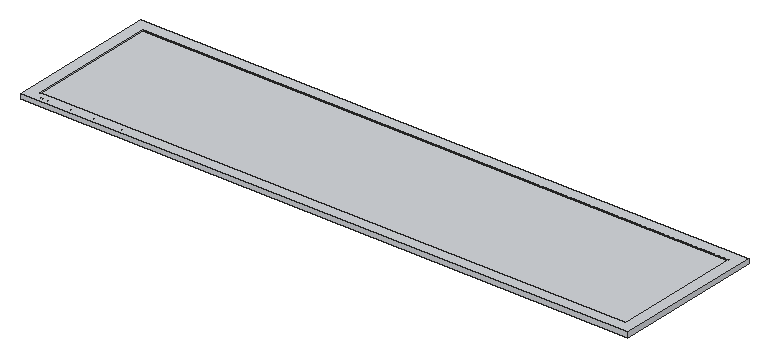
Revit family "0042226", category Lighting Fixtures, host Face, Revit 2017
Family settings
  Host = Face
  Round Connector Dimension = Use Diameter
  Part Type = Normal
  OmniClass Number = 23.80.70.00
  OmniClass Title = Lighting
  Cut with Voids When Loaded = No
  Light Source = Yes
  Shared = No
  Room Calculation Point = No
Parameters (values of type "0042226 ST PANEL UGR19 1200X300 DALI 3800LM 840")
  Weight = "kg"
  Wattage Comments = ""
  Wattage = 36 W
  WarrantyStartDate [instance] = "n/a"
  WarrantyGuarantorParts = "n/a"
  WarrantyDurationUnit = "n/a"
  WarrantyDurationParts = "n/a"
  WarrantyDescription = "n/a"
  WIDTH_SYL = 147.5 mm
  built-in parameter 1150110 = 1 (stored number, unit not read)
  Voltage = 0 V
  URL = "http://www.sylvania-lighting.com"
  TypeName = "START Panel UGR19 1200x300 DALI 3800Lm 840"
  Type Image = <None>
  Type Comments = "n/a"
  built-in parameter 1114217 = 1 (stored number, unit not read)
  Tilt Angle = -90.00°
  built-in parameter 1150109 = 1 (stored number, unit not read)
  built-in parameter 1150134 = 12
  TOP__WIDTH_SYL = 545 mm
  TOP_WIDTH_SYL = 265 mm
  TOP_DEPTH_SYL = 95 mm
  built-in parameter 1150113 = 1 (stored number, unit not read)
  SerialNumber [instance] = "n/a"
  Photometric Web File = "0042226.ies"
  Material_3_SYL = none
  PowerFactor = 0.9
  PowerConsumption = "36 W"
  NominalLength = 1195 mm
  NominalHeight = 35 mm
  NominalDepth = 295 mm
  Name = "START Panel UGR19 1200x300 DALI 3800Lm 840"
  ModelReference = Name  # "START Panel UGR19 1200x300 DALI 3800Lm 840"
  ModelNumber = "0042226"
  Model = Name  # "START Panel UGR19 1200x300 DALI 3800Lm 840"
  Material = "aluminium,steel housing, other diffuser"
  ManufacturerName = "Feilo Sylvania"
  Manufacturer = "Feilo Sylvania"
  MAINHEIGHT_SYL = 63 mm
  LuminousEfficacy = "106 lm/W"
  built-in parameter 1150105 = 303.67 (stored number, unit not read)
  Lumens = 3816 lm
  LuminaireType = ""
  built-in parameter 1150115 = 1 (stored number, unit not read)
  LightOutputRatio = "n/a"
  built-in parameter 1150137 = (empty or 0)
  built-in parameter 1150139 = (empty or 0)
  LampsType = Lamp  # "LED"
  LampNominalLuminous = "3800 lm"
  LampMacAdamStep = "3"
  LampColourTemperature = "4000 K"
  LampColourRenderingIndex = "80"
  built-in parameter 1150112 = 1 (stored number, unit not read)
  built-in parameter 1150114 = 1 (stored number, unit not read)
  Lamp = "LED"
  LUMWIDTH_SYL = 576.5 mm
  LUMDEPTH_SYL = 126.5 mm
  Keynote = "16500"
  InstallationDate [instance] = "n/a"
  InputVoltage = "n/a"
  InputNominalFrequency = "n/a"
  built-in parameter 1150132 = (empty or 0)
  built-in parameter 1150102 = (empty or 0)
  built-in parameter 1150107 = 4000 (stored number, unit not read)
  built-in parameter 1150138 = (empty or 0)
  IngressProtection = "IP40/20"
  ImpactProtectionIndex = "IK03"
  built-in parameter 1150106 = 3.0367 (stored number, unit not read)
  IfcExportType = "IfcLightFixtureType"
  IfcExportAs = "IfcLightFixtureType"
  HEIGHT_SYL = 33 mm
  HEIGHTBOTT_SYL = 7 mm
  Emit from Circle Diameter = 609.6 mm
  Emit Shape Visible in Rendering = no
  ElectricShockClassification = "Class II"
  built-in parameter 1150104 = 9.8477 (stored number, unit not read)
  DocumentationLiterature = "http://www.sylvania-lighting.com/product/en-int/products/0042226"
  DimmingControlOptions = "n/a"
  Material_2_SYL = none
  Dimming Lamp Color Temperature Shift = <None>
  Description = ""
  Default Elevation = 1219.2 mm
  DEPTH_SYL = 597.5 mm
  CreatedOn = "9/8/2020"
  CreatedBy = "@sylvania-lighting.com"
  Cost = 0
  Color Filter = 16777215
  built-in parameter 1114216 [instance] = (empty or 0)
  ClassificationValue = "EF_70_80"
  ClassificationName = "Uniclass2015"
  Material_1_SYL = none
  BarCode [instance] = "n/a"
  built-in parameter 1114218 = 1 (stored number, unit not read)
  BOX_WIDTH_SYL = 40 mm
  built-in parameter 1150133 = 10 (stored number, unit not read)
  AssetType = "Fixed"
  AssetIdentifier [instance] = "n/a"
  Assembly Code = "D5020200"
  Apparent Load = 36 VA
  Material_4_SYL = none
  -LUMDEPTH_SYL = LUMDEPTH_SYL * (-1)  # -126.5 mm
  -BOX_WIDTH_SYL = BOX_WIDTH_SYL * (-1)  # -40 mm
Types (9, lengths in mm): name | Wattage | TypeName | built-in parameter 1150134 | Photometric Web File | PowerConsumption | NominalHeight | Name | ModelReference | ModelNumber | Model | LuminousEfficacy | built-in parameter 1150105 | Lumens | LampNominalLuminous | LampMacAdamStep | LampColourTemperature | built-in parameter 1150107 | built-in parameter 1150106 | built-in parameter 1150104 | DocumentationLiterature | Apparent Load
  0042254 ST PANEL 1200X300HE DALI 4100LM 865 | 34 W | "START Panel 1200x300HE DALI 4100Lm 865" | 1 | "0042254.ies" | "34 W" | 34 | "START Panel 1200x300HE DALI 4100Lm 865" | "START Panel 1200x300HE DALI 4100Lm 865" | "0042254" | "START Panel 1200x300HE DALI 4100Lm 865" | "121 lm/W" | 327.38 (stored number, unit not read) | 4114 lm | "4100 lm" | "6" | "6500 K" | 6500 (stored number, unit not read) | 3.2738 (stored number, unit not read) | 11.241 (stored number, unit not read) | "http://www.sylvania-lighting.com/product/en-int/products/0042254" | 34 VA
  0042253 ST PANEL 1200X300HE DALI 4100LM 840 | 34 W | "START Panel 1200x300HE DALI 4100Lm 840" | 12 | "0042253.ies" | "34 W" | 34 | "START Panel 1200x300HE DALI 4100Lm 840" | "START Panel 1200x300HE DALI 4100Lm 840" | "0042253" | "START Panel 1200x300HE DALI 4100Lm 840" | "121 lm/W" | 327.38 (stored number, unit not read) | 4114 lm | "4100 lm" | "3" | "4000 K" | 4000 (stored number, unit not read) | 3.2738 (stored number, unit not read) | 11.241 (stored number, unit not read) | "http://www.sylvania-lighting.com/product/en-int/products/0042253" | 34 VA
  0042252 ST PANEL 1200X300HE DALI 3900LM 830 | 34 W | "START Panel 1200x300HE DALI 3900Lm 830" | (empty or 0) | "0042252.ies" | "34 W" | 34 | "START Panel 1200x300HE DALI 3900Lm 830" | "START Panel 1200x300HE DALI 3900Lm 830" | "0042252" | "START Panel 1200x300HE DALI 3900Lm 830" | "115 lm/W" | 311.15 (stored number, unit not read) | 3910 lm | "3900 lm" | "3" | "3000 K" | 3000 (stored number, unit not read) | 3.1115 (stored number, unit not read) | 10.684 (stored number, unit not read) | "http://www.sylvania-lighting.com/product/en-int/products/0042252" | 34 VA
  0042227 ST PANEL UGR19 1200X300 DALI 3800LM 865 | 36 W | "START Panel UGR19 1200x300 DALI 3800Lm 865" | 1 | "0042227.ies" | "36 W" | 35 | "START Panel UGR19 1200x300 DALI 3800Lm 865" | "START Panel UGR19 1200x300 DALI 3800Lm 865" | "0042227" | "START Panel UGR19 1200x300 DALI 3800Lm 865" | "106 lm/W" | 303.67 (stored number, unit not read) | 3816 lm | "3800 lm" | "6" | "6500 K" | 6500 (stored number, unit not read) | 3.0367 (stored number, unit not read) | 9.8477 (stored number, unit not read) | "http://www.sylvania-lighting.com/product/en-int/products/0042227" | 36 VA
  0042226 ST PANEL UGR19 1200X300 DALI 3800LM 840 | 36 W | "START Panel UGR19 1200x300 DALI 3800Lm 840" | 12 | "0042226.ies" | "36 W" | 35 | "START Panel UGR19 1200x300 DALI 3800Lm 840" | "START Panel UGR19 1200x300 DALI 3800Lm 840" | "0042226" | "START Panel UGR19 1200x300 DALI 3800Lm 840" | "106 lm/W" | 303.67 (stored number, unit not read) | 3816 lm | "3800 lm" | "3" | "4000 K" | 4000 (stored number, unit not read) | 3.0367 (stored number, unit not read) | 9.8477 (stored number, unit not read) | "http://www.sylvania-lighting.com/product/en-int/products/0042226" | 36 VA
  0042225 ST PANEL UGR19 1200X300 DALI 3600LM 830 | 36 W | "START Panel UGR19 1200x300 DALI 3600Lm 830" | (empty or 0) | "0042225.ies" | "36 W" | 35 | "START Panel UGR19 1200x300 DALI 3600Lm 830" | "START Panel UGR19 1200x300 DALI 3600Lm 830" | "0042225" | "START Panel UGR19 1200x300 DALI 3600Lm 830" | "100 lm/W" | 286.48 (stored number, unit not read) | 3600 lm | "3600 lm" | "3" | "3000 K" | 3000 (stored number, unit not read) | 2.8648 (stored number, unit not read) | 9.2903 (stored number, unit not read) | "http://www.sylvania-lighting.com/product/en-int/products/0042225" | 36 VA
  0042224 ST PANEL UGR19 1200X300 DALI 3400LM 865 | 36 W | "START Panel UGR19 1200x300 DALI 3400Lm 865" | 1 | "0042224.ies" | "36 W" | 35 | "START Panel UGR19 1200x300 DALI 3400Lm 865" | "START Panel UGR19 1200x300 DALI 3400Lm 865" | "0042224" | "START Panel UGR19 1200x300 DALI 3400Lm 865" | "94 lm/W" | 269.29 (stored number, unit not read) | 3384 lm | "3400 lm" | "6" | "6500 K" | 6500 (stored number, unit not read) | 2.6929 (stored number, unit not read) | 8.7329 (stored number, unit not read) | "http://www.sylvania-lighting.com/product/en-int/products/0042224" | 36 VA
  0042223 ST PANEL UGR19 1200X300 DALI 3400LM 840 | 36 W | "START Panel UGR19 1200x300 DALI 3400Lm 840" | 12 | "0042223.ies" | "36 W" | 35 | "START Panel UGR19 1200x300 DALI 3400Lm 840" | "START Panel UGR19 1200x300 DALI 3400Lm 840" | "0042223" | "START Panel UGR19 1200x300 DALI 3400Lm 840" | "94 lm/W" | 269.29 (stored number, unit not read) | 3384 lm | "3400 lm" | "3" | "4000 K" | 4000 (stored number, unit not read) | 2.6929 (stored number, unit not read) | 8.7329 (stored number, unit not read) | "http://www.sylvania-lighting.com/product/en-int/products/0042223" | 36 VA
  0042222 ST PANEL UGR19 1200X300 DALI 3200LM 830 | 36 W | "START Panel UGR19 1200x300 DALI 3200Lm 830" | (empty or 0) | "0042222.ies" | "36 W" | 35 | "START Panel UGR19 1200x300 DALI 3200Lm 830" | "START Panel UGR19 1200x300 DALI 3200Lm 830" | "0042222" | "START Panel UGR19 1200x300 DALI 3200Lm 830" | "89 lm/W" | 254.97 (stored number, unit not read) | 3204 lm | "3200 lm" | "3" | "3000 K" | 3000 (stored number, unit not read) | 2.5497 (stored number, unit not read) | 8.2684 (stored number, unit not read) | "http://www.sylvania-lighting.com/product/en-int/products/0042222" | 36 VA
Reference planes
  plane 1 "Center (Front/Back)": y = 0
  plane 2: z = 0
  plane 3 "Center (Left/Right)": x = 0
  plane 4: z = -33
  plane 5: z = -7
  plane 6: z = -63
  plane 7: x = 597.5
  plane 8: x = -597.5
  plane 9: y = 147.5
  plane 10: y = -147.5
  plane 11: x = 576.5
  plane 12: x = -576.5
  plane 13: y = -126.5
  plane 14: y = 126.5
  plane 15: y = -265
  plane 16: y = 265
  plane 17: x = -40
  plane 18: x = 40
  plane 19: x = 0
  plane 20: x = -545
  plane 21: x = 545
  plane 22: y = -95
  plane 23: y = 95
Forms (mm)
  Extrusion 1, solid
    sketch origin (0, 0, 0) x (1, 0, 0) y (0, 1, 0)
      loop
        line (-597.5, 147.5) -> (-597.5, -147.5) -> (597.5, -147.5) -> (597.5, 147.5) -> (-597.5, 147.5)
    from -7 to 2
  Extrusion 2, void
    sketch origin (0, 0, 0) x (1, 0, 0) y (0, 1, 0)
      loop
        line (-576.5, 126.5) -> (-576.5, -126.5) -> (576.5, -126.5) -> (576.5, 126.5) -> (-576.5, 126.5)
    from 0 to 2
  Extrusion 3, solid
    sketch origin (0, 0, 0) x (1, 0, 0) y (0, 0, 1)
      loop
        line (-40, -33) -> (-40, -63) -> (40, -63) -> (40, -33) -> (-40, -33)
    from -40 <- "-BOX_WIDTH_SYL" to 40 <- "BOX_WIDTH_SYL"
  Extrusion 4, solid
    sketch origin (0, 0, 0) x (1, 0, 0) y (0, 0, 1)
      loop
        line (-576.5, -7) -> (-545, -33) -> (545, -33) -> (576.5, -7) -> (-576.5, -7)
    from -126.5 <- "-LUMDEPTH_SYL" to 126.5 <- "LUMDEPTH_SYL"
  Extrusion 5, void
    sketch origin (319, 1524, 1219.2) x (0, 1, 0) y (0, 0, 1)
      loop
        line (-1397.5, -1226.2) -> (-1429, -1252.2) -> (-1397.5, -1252.2) -> (-1397.5, -1226.2)
      loop
        line (-1650.5, -1226.2) -> (-1650.5, -1252.2) -> (-1619, -1252.2) -> (-1650.5, -1226.2)
    from -1000 to 1000
Cuts and joins
  Extrusion 2 cuts Extrusion 1
  Extrusion 5 cuts Extrusion 4
  joined: Extrusion 1, Extrusion 3, Extrusion 4
Dimensions and locks
  "HEIGHT_SYL": host face to plane 4
  "HEIGHTBOTT_SYL": host face to plane 5
  "MAINHEIGHT_SYL": host face to plane 6
  "DEPTH_SYL": plane 8 to plane 3 "Center (Left/Right)" to plane 7
  "WIDTH_SYL": plane 10 to plane 1 "Center (Front/Back)" to plane 9
  "LUMWIDTH_SYL": plane 12 to plane 3 "Center (Left/Right)" to plane 11
  "LUMDEPTH_SYL": plane 13 to plane 1 "Center (Front/Back)" to plane 14
  "TOP_WIDTH_SYL": plane 16 to imposter light to plane 15
  "BOX_WIDTH_SYL": plane 17 to imposter light to plane 18
  "TOP__WIDTH_SYL": plane 20 to imposter light to plane 21
  "TOP_DEPTH_SYL": plane 23 to imposter light to plane 22
  aligned and locked: plane 2 to host face
  aligned and locked: level to host face
  aligned and locked: Extrusion 1 sketch curve to plane 9
  aligned and locked: plane 8 to Extrusion 1 sketch curve
  aligned and locked: Extrusion 1 sketch curve to plane 10
  aligned and locked: Extrusion 1 sketch curve to plane 7
  aligned and locked: plane 14 to Extrusion 2 sketch curve
  aligned and locked: plane 12 to Extrusion 2 sketch curve
  aligned and locked: Extrusion 2 sketch curve to plane 13
  aligned and locked: Extrusion 2 sketch curve to plane 11
  aligned and locked: plane 4 to Extrusion 3 sketch curve
  aligned and locked: Extrusion 3 sketch curve to plane 17
  aligned and locked: Extrusion 3 sketch curve to plane 6
  aligned and locked: plane 18 to Extrusion 3 sketch curve
Automatic sketch dimensions
  host sketch curve to host sketch curve = 2438.4 mm  (x2)
  Extrusion 4 sketch curve to plane 5 = 0 mm
  Extrusion 4 sketch curve to plane 12 = 0 mm
  Extrusion 4 sketch curve to plane 4 = 0 mm
  plane 20 to Extrusion 4 sketch curve = 0 mm
  plane 21 to Extrusion 4 sketch curve = 0 mm
  Extrusion 4 sketch curve to plane 11 = 0 mm
  Extrusion 5 sketch curve to plane 13 = 0 mm
  plane 4 to Extrusion 5 sketch curve = 0 mm  (x2)
  Extrusion 5 sketch curve to plane 22 = 0 mm
  Extrusion 5 sketch curve to plane 23 = 0 mm
  Extrusion 5 sketch curve to plane 14 = 0 mm
  plane 5 to Extrusion 5 sketch curve = 0 mm  (x2)
